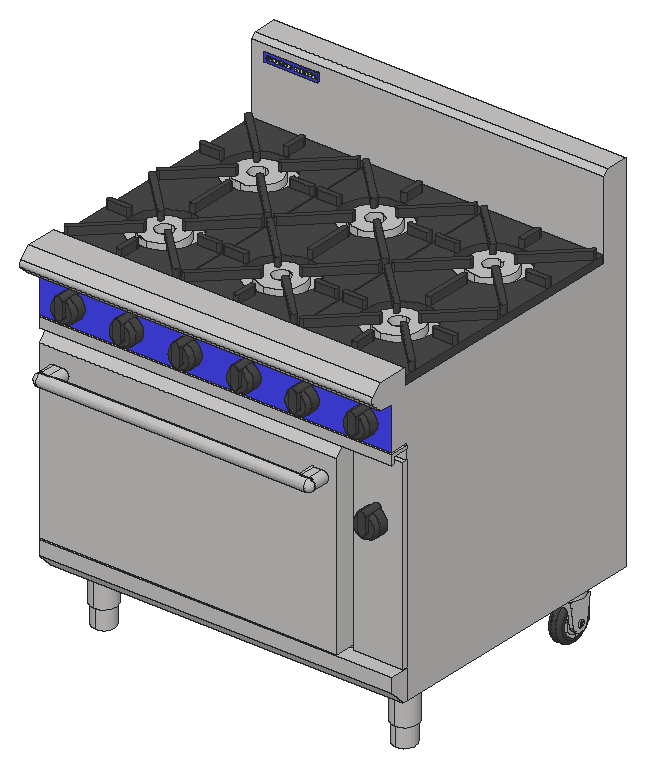
Revit family "QF_MOFFAT_BLUESEAL_AU_G506D", category Specialty Equipment, Revit 2012
Parameters
  Width = 900 mm  # constant formula
  Weight in Pounds = 460
  URL Cutsheet = "www.moffat.com"
  URL = "www.moffat.com"
  Type Mark [instance] = ""
  Status [instance] = ""
  Specification by User [instance] = ""
  Specification by Manufacturer = ""
  Show Logo [instance] = yes
  Show Clearance [instance] = yes
  Show Casters [instance] = yes
  Serial Number = ""
  Seismic Rating = ""
  SMACNA No = ""
  Revision Code [instance] = ""
  Omniclass Number and Title = ""
  NAFEM Spec ID Number = ""
  Model = "G506D"
  Mechanical Remarks = ""
  Mechanical Connection Type [instance] = ""
  Masterspec = ""
  Manufacturer = "MOFFAT BLUESEAL"
  Legs [instance] = not(Show Casters)  # no
  Item Number [instance] = ""
  Installed By [instance] = ""
  Identify Quantity as Lot [instance] = yes
  Height = 970 mm  # constant formula
  Gas Size = 3/4"
  Gas RI Height [instance] = 0 mm
  Gas KW [instance] = 55
  Gas Input [instance] = 187667.0 Btu/h
  Gas Connection Height = 0 mm
  Furnished By [instance] = ""
  Foodservice Equipment Identifier [instance] = yes
  Description = "900MM GAS RANGE WITH STATIC OVEN"
  Depth = 812 mm  # constant formula
  CSI MasterFormat = ""
  CSI Master Format = ""
  Body Finish = QF_Finishes_Stainless Steel
Reference planes
  plane 1 "BACK": y = 0
  plane 2: z = 0
  plane 3 "LEFT": x = 0
  plane 4 "RIGHT": x = 900
  plane 5 "FRONT": y = -812
  plane 6 "TOP": z = 970
  plane 7 "Center Y": x = 450
  plane 8 "Center X": y = -406
  plane 9: x = 280
  plane 10: y = -574.272
  plane 11: x = 60
  plane 12: y = -304.972
  plane 13: y = -364.972
  plane 14: x = 74
  plane 15: y = -812
  plane 16: x = 834.5
  plane 17: y = -32
  plane 18: z = 655
  plane 19: y = -100
  plane 20: z = 1085
  plane 21: y = -705
  plane 22: x = 65.8
  plane 23: x = 534.2
  plane 24: x = 834.2
Forms (mm)
  Extrusion 1, solid, material "QF_Finishes_Stainless Steel" <- "Body Finish"
    sketch origin (0, 0, 0) x (0, 1, 0) y (0, 0, 1)
      loop
        line (0, 150) -> (0, 1085) -> (-57.5, 1085) -> (-70, 1072.5) -> (-70, 875) -> (-705, 875) -> (-705, 915) -> (-783.97, 915) -> (-808.476, 890.494)
        arc (-808.476, 890.494) -> (-811.994, 882) -> (-808.476, 873.506) r 12.013
        line (-808.476, 873.506) -> (-784.97, 850) -> (-749, 850) -> (-749, 740) -> (-699, 740) -> (-699, 150) -> (0, 150)
    from 0 to 900
  Extrusion 2, solid, material "QF_Finishes_Stainless Steel"
    sketch origin (0, 7, 0) x (0, 1, 0) y (0, 0, 1)
      loop
        line (-706, 700) -> (-732, 700) -> (-756, 676) -> (-756, 227.5) -> (-706, 227.5) -> (-706, 700)
    from 0 to 760
  Extrusion 3, solid, material "QF_Finishes_Stainless Steel"
    sketch origin (723.5, 7, 0) x (0, 1, 0) y (0, 0, 1)
      loop
        line (-706, 700) -> (-721, 700) -> (-721, 227.5) -> (-706, 227.5) -> (-706, 700)
    from 51.5 to 176.5
  Revolve 4, solid, material "QF_Finishes_Stainless Steel" <- "Body Finish"
    sketch origin (834.5, -696.126, 0) x (0, 1, 0) y (0, 0, -1)
      loop
        line (39.376, -150) -> (71.126, -150) -> (71.126, 0) -> (43.626, 0) -> (43.626, -50) -> (39.376, -50) -> (39.376, -150)
      axis (71.126, -150) -> (71.126, 0)
    angle from 0 to 360
  Revolve 5, solid, material "QF_Finishes_Stainless Steel" <- "Body Finish"
    sketch origin (65.5, -696.126, 0) x (0, 1, 0) y (0, 0, 1)
      loop
        line (39.376, 150) -> (39.376, 50) -> (43.626, 50) -> (43.626, 0) -> (71.126, 0) -> (71.126, 150) -> (39.376, 150)
      axis (71.126, 150) -> (71.126, 0)
    angle from 0 to 360
  Extrusion 6, solid, material "QF_Finishes_Stainless Steel"
    sketch origin (-64.5, 0, 325) x (1, 0, 0) y (0, 1, 0)
      loop
        circle (834.5, -32) r 10
    from 330 to 371
  Revolve 7, solid, material "QF_Finishes_Black"
    sketch origin (839.351, 45.874, -0.118) x (0, 1, 0) y (0, 0, 1)
      loop
        line (-827.874, 829.5) -> (-838.874, 823.651) -> (-838.874, 797) -> (-794.874, 797) -> (-794.874, 802) -> (-804.874, 802) -> (-804.874, 829.5) -> (-827.874, 829.5)
      axis (-838.874, 797) -> (-794.874, 797)
    angle from 0 to 360
  Revolve 8, solid, material "QF_Finishes_Black"
    sketch origin (689.351, 45.874, -0.118) x (0, 1, 0) y (0, 0, 1)
      loop
        line (-827.874, 829.5) -> (-838.874, 823.651) -> (-838.874, 797) -> (-794.874, 797) -> (-794.874, 802) -> (-804.874, 802) -> (-804.874, 829.5) -> (-827.874, 829.5)
      axis (-838.874, 797) -> (-794.874, 797)
    angle from 0 to 360
  Revolve 9, solid, material "QF_Finishes_Black"
    sketch origin (90.649, 45.874, -0.118) x (0, 1, 0) y (0, 0, -1)
      loop
        line (-827.874, -829.5) -> (-804.874, -829.5) -> (-804.874, -802) -> (-794.874, -802) -> (-794.874, -797) -> (-838.874, -797) -> (-838.874, -823.651) -> (-827.874, -829.5)
      axis (-838.874, -797) -> (-794.874, -797)
    angle from 0 to 360
  Revolve 10, solid, material "QF_Finishes_Black"
    sketch origin (240.649, 45.874, -0.118) x (0, 1, 0) y (0, 0, -1)
      loop
        line (-827.874, -829.5) -> (-804.874, -829.5) -> (-804.874, -802) -> (-794.874, -802) -> (-794.874, -797) -> (-838.874, -797) -> (-838.874, -823.651) -> (-827.874, -829.5)
      axis (-838.874, -797) -> (-794.874, -797)
    angle from 0 to 360
  Revolve 11, solid, material "QF_Finishes_Black"
    sketch origin (390.625, 45.874, -0.118) x (0, 1, 0) y (0, 0, -1)
      loop
        line (-827.874, -829.5) -> (-804.874, -829.5) -> (-804.874, -802) -> (-794.874, -802) -> (-794.874, -797) -> (-838.874, -797) -> (-838.874, -823.651) -> (-827.874, -829.5)
      axis (-838.874, -797) -> (-794.874, -797)
    angle from 0 to 360
  Extrusion 12, solid, material "QF_Finishes_Black"
    sketch origin (238.456, 7, -0.118) x (-1, 0, 0) y (0, 0, -1)
      loop
        arc (158.3, -789) -> (148.3, -779) -> (138.3, -789) r 10
        line (138.3, -789) -> (138.3, -824)
        arc (138.3, -824) -> (148.3, -834) -> (158.3, -824) r 10
        line (158.3, -824) -> (158.3, -789)
    from 759 to 808
  Extrusion 13, solid, material "QF_Finishes_Black"
    sketch origin (388.456, 7, -0.118) x (-1, 0, 0) y (0, 0, -1)
      loop
        arc (158.3, -789) -> (148.3, -779) -> (138.3, -789) r 10
        line (138.3, -789) -> (138.3, -824)
        arc (138.3, -824) -> (148.3, -834) -> (158.3, -824) r 10
        line (158.3, -824) -> (158.3, -789)
    from 759 to 808
  Extrusion 14, solid, material "QF_Finishes_Black"
    sketch origin (691.544, 7, -0.118) x (1, 0, 0) y (0, 0, 1)
      loop
        line (158.3, 789) -> (158.3, 824)
        arc (158.3, 824) -> (148.3, 834) -> (138.3, 824) r 10
        line (138.3, 824) -> (138.3, 789)
        arc (138.3, 789) -> (148.3, 779) -> (158.3, 789) r 10
    from 759 to 808
  Extrusion 15, solid, material "QF_Finishes_Black"
    sketch origin (541.544, 7, -0.118) x (1, 0, 0) y (0, 0, 1)
      loop
        line (158.3, 789) -> (158.3, 824)
        arc (158.3, 824) -> (148.3, 834) -> (138.3, 824) r 10
        line (138.3, 824) -> (138.3, 789)
        arc (138.3, 789) -> (148.3, 779) -> (158.3, 789) r 10
    from 759 to 808
  Extrusion 16, solid, material "QF_Finishes_Black"
    sketch origin (538.432, 7, -0.118) x (-1, 0, 0) y (0, 0, -1)
      loop
        arc (158.3, -789) -> (148.3, -779) -> (138.3, -789) r 10
        line (138.3, -789) -> (138.3, -824)
        arc (138.3, -824) -> (148.3, -834) -> (158.3, -824) r 10
        line (158.3, -824) -> (158.3, -789)
    from 759 to 808
  Extrusion 17, solid, material "QF_Finishes_Black"
    sketch origin (688.432, 7, -0.118) x (-1, 0, 0) y (0, 0, -1)
      loop
        arc (158.3, -789) -> (148.3, -779) -> (138.3, -789) r 10
        line (138.3, -789) -> (138.3, -824)
        arc (138.3, -824) -> (148.3, -834) -> (158.3, -824) r 10
        line (158.3, -824) -> (158.3, -789)
    from 759 to 808
  Revolve 18, solid, material "QF_Finishes_Black"
    sketch origin (836.851, 80.874, -245.743) x (0, 1, 0) y (0, 0, 1)
      loop
        line (-827.874, 829.5) -> (-838.874, 823.651) -> (-838.874, 797) -> (-794.874, 797) -> (-794.874, 802) -> (-804.874, 802) -> (-804.874, 829.5) -> (-827.874, 829.5)
      axis (-838.874, 797) -> (-794.874, 797)
    angle from 0 to 360
  Extrusion 19, solid, material "QF_Finishes_Black"
    sketch origin (689.044, 42, -245.743) x (1, 0, 0) y (0, 0, 1)
      loop
        line (158.3, 789) -> (158.3, 824)
        arc (158.3, 824) -> (148.3, 834) -> (138.3, 824) r 10
        line (138.3, 824) -> (138.3, 789)
        arc (138.3, 789) -> (148.3, 779) -> (158.3, 789) r 10
    from 759 to 808
  Extrusion 20, solid, material "QF_Door-Drawer Clearances", visible <- "Show Clearance", detail levels coarse
    sketch origin (0, 7, 0) x (0, -1, 0) y (0, 0, 1)
      loop
        line (756, 697.347) -> (756, 227.5) -> (1225.847, 227.5)
        arc (1225.847, 227.5) -> (1088.232, 559.732) -> (756, 697.347) r 469.847
    from 0 to -760
  Extrusion 21, void
    sketch origin (0, 0, 220) x (1, 0, 0) y (0, 1, 0)
      loop
        line (824, -87) -> (824, 0) -> (694, 0) -> (694, -39) -> (744, -87) -> (824, -87)
    from 0 to 476
  Revolve 22, solid, material "QF_Finishes_Black"
    sketch origin (540.625, 45.874, -0.118) x (0, 1, 0) y (0, 0, -1)
      loop
        line (-827.874, -829.5) -> (-804.874, -829.5) -> (-804.874, -802) -> (-794.874, -802) -> (-794.874, -797) -> (-838.874, -797) -> (-838.874, -823.651) -> (-827.874, -829.5)
      axis (-838.874, -797) -> (-794.874, -797)
    angle from 0 to 360
  Extrusion 23, solid, material "QF_Finishes_Stainless Steel"
    sketch origin (0, -749, 227.5) x (0, 0, 1) y (-1, 0, 0)
      loop
        line (380.625, -38.246) -> (380.625, -58.528)
        arc (380.625, -58.528) -> (395.625, -73.528) -> (410.625, -58.528) r 15
        line (410.625, -58.528) -> (410.625, -38.246)
        arc (410.625, -38.246) -> (395.625, -23.246) -> (380.625, -38.246) r 15
      loop
        arc (380.625, -723.039) -> (395.625, -738.039) -> (410.625, -723.039) r 15
        line (410.625, -723.039) -> (410.625, -702.757)
        arc (410.625, -702.757) -> (395.625, -687.757) -> (380.625, -702.757) r 15
        line (380.625, -702.757) -> (380.625, -723.039)
    from 0 to 44
  Revolve 24, solid, material "QF_Finishes_Stainless Steel"
    sketch origin (0, -793, 0) x (1, 0, 0) y (0, 0, 1)
      loop
        arc (738.039, 623.125) -> (733.646, 633.732) -> (723.039, 638.125) r 15
        line (723.039, 638.125) -> (38.246, 638.125)
        arc (38.246, 638.125) -> (27.64, 633.732) -> (23.246, 623.125) r 15
        line (23.246, 623.125) -> (738.039, 623.125)
      axis (738.039, 623.125) -> (23.246, 623.125)
    angle from 0 to 360
  Extrusion 25, solid, material "QF_Finishes_Stainless Steel" <- "Body Finish"
    sketch origin (0, 7, 0) x (0, 1, 0) y (0, 0, 1)
      loop
        line (-756, 710) -> (-747.224, 710) -> (-749.613, 726.999) -> (-707.93, 726.999) -> (-707.93, 734.003) -> (-756, 734.003) -> (-756, 710)
    from 0 to 900
  Extrusion 26, solid, material "QF_Finishes_Stainless Steel" <- "Body Finish"
    sketch origin (0, 4.73, 0) x (0, 1, 0) y (0, 0, 1)
      loop
        line (-753.73, 222.5) -> (-753.73, 186) -> (-717.73, 150) -> (-703.73, 150) -> (-703.73, 222.5) -> (-753.73, 222.5)
    from 0 to 900
  Extrusion 27, solid, material "QF_Finishes_Stainless Steel", visible <- "Show Casters"
    sketch origin (71.501, 133.353, -8.783) x (0, 1, 0) y (0, 0, 1)
      loop
        line (-201.603, 118.783) -> (-265.103, 118.783) -> (-252.746, 53.895)
        arc (-252.746, 53.895) -> (-233.353, 38.783) -> (-213.959, 53.895) r 20
        line (-213.959, 53.895) -> (-201.603, 118.783)
    from -35.667 to 22.923
  Revolve 28, solid, material "QF_Finishes_Stainless Steel", visible <- "Show Casters"
    sketch origin (65, -203, 0) x (0, 1, 0) y (0, 0, 1)
      loop
        line (67.25, 150) -> (67.25, 110) -> (103, 110) -> (103, 150) -> (67.25, 150)
      axis (103, 150) -> (103, 110)
    angle from 0 to 360
  Revolve 29, solid, material "QF_Finishes_Stainless Steel", visible <- "Show Casters"
    sketch origin (834.5, -203, 0) x (0, 1, 0) y (0, 0, -1)
      loop
        line (67.25, -150) -> (103, -150) -> (103, -110) -> (67.25, -110) -> (67.25, -150)
      axis (103, -150) -> (103, -110)
    angle from 0 to 360
  Revolve 30, solid, material "QF_Finishes_Stainless Steel", visible <- "Show Casters"
    sketch origin (785.276, -99.755, -13.653) x (1, 0, 0) y (0, 0, 1)
      loop
        line (14.841, 64.453) -> (83.584, 64.453) -> (83.584, 67.958) -> (82.314, 69.228) -> (80.79, 69.228) -> (80.79, 72.674) -> (68.644, 72.674) -> (68.644, 82.639) -> (65.088, 84.692) -> (63.738, 93.028) -> (65.881, 93.028) -> (65.881, 99.378) -> (65.088, 99.378) -> (65.088, 105.728)
        arc (65.088, 105.728) -> (62.298, 112.463) -> (55.563, 115.253) r 9.525
        line (55.563, 115.253) -> (42.863, 115.253)
        arc (42.863, 115.253) -> (36.127, 112.463) -> (33.338, 105.728) r 9.525
        line (33.338, 105.728) -> (33.338, 99.378) -> (32.544, 99.378) -> (32.544, 93.028) -> (34.687, 93.028) -> (33.352, 84.781) -> (29.782, 82.719) -> (29.782, 72.674) -> (17.635, 72.674) -> (17.635, 69.228) -> (16.111, 69.228) -> (14.841, 67.958) -> (14.841, 64.453)
      axis (14.841, 64.453) -> (83.584, 64.453)
    angle from 0 to 360
  Extrusion 31, solid, material "QF_Finishes_Stainless Steel", visible <- "Show Casters"
    sketch origin (841.001, 133.353, -8.783) x (0, 1, 0) y (0, 0, 1)
      loop
        line (-201.603, 118.783) -> (-265.103, 118.783) -> (-252.746, 53.895)
        arc (-252.746, 53.895) -> (-233.353, 38.783) -> (-213.959, 53.895) r 20
        line (-213.959, 53.895) -> (-201.603, 118.783)
    from -35.667 to 22.923
  Revolve 32, solid, material "QF_Finishes_Stainless Steel", visible <- "Legs"
    sketch origin (65, -165, 0) x (0, 1, 0) y (0, 0, 1)
      loop
        line (33.25, 150) -> (33.25, 50) -> (37.5, 50) -> (37.5, 0) -> (65, 0) -> (65, 150) -> (33.25, 150)
      axis (65, 150) -> (65, 0)
    angle from 0 to 360
  Revolve 33, solid, material "QF_Finishes_Stainless Steel", visible <- "Legs"
    sketch origin (834.5, -165, 0) x (0, 1, 0) y (0, 0, -1)
      loop
        line (33.25, -150) -> (65, -150) -> (65, 0) -> (37.5, 0) -> (37.5, -50) -> (33.25, -50) -> (33.25, -150)
      axis (65, -150) -> (65, 0)
    angle from 0 to 360
  Revolve 34, solid, material "QF_Finishes_Stainless Steel", visible <- "Show Casters"
    sketch origin (114.224, -99.755, -13.653) x (-1, 0, 0) y (0, 0, -1)
      loop
        line (14.841, -64.453) -> (14.841, -67.958) -> (16.111, -69.228) -> (17.635, -69.228) -> (17.635, -72.674) -> (29.782, -72.674) -> (29.782, -82.719) -> (33.352, -84.781) -> (34.687, -93.028) -> (32.544, -93.028) -> (32.544, -99.378) -> (33.338, -99.378) -> (33.338, -105.728)
        arc (33.338, -105.728) -> (36.127, -112.463) -> (42.863, -115.253) r 9.525
        line (42.863, -115.253) -> (55.563, -115.253)
        arc (55.563, -115.253) -> (62.298, -112.463) -> (65.088, -105.728) r 9.525
        line (65.088, -105.728) -> (65.088, -99.378) -> (65.881, -99.378) -> (65.881, -93.028) -> (63.738, -93.028) -> (65.088, -84.692) -> (68.644, -82.639) -> (68.644, -72.674) -> (80.79, -72.674) -> (80.79, -69.228) -> (82.314, -69.228) -> (83.584, -67.958) -> (83.584, -64.453) -> (14.841, -64.453)
      axis (14.841, -64.453) -> (83.584, -64.453)
    angle from 0 to 360
  Extrusion 35, solid, material "QF_Finishes_Black"
    sketch origin (0, -70, 875) x (0, -1, 0) y (1, 0, 0)
      loop
        arc (1, 4) -> (1.879, 1.879) -> (4, 1) r 3
        line (4, 1) -> (632, 1)
        arc (632, 1) -> (634.121, 1.879) -> (635, 4) r 3
        line (635, 4) -> (635, 297)
        arc (635, 297) -> (634.121, 299.121) -> (632, 300) r 3
        line (632, 300) -> (4, 300)
        arc (4, 300) -> (1.879, 299.121) -> (1, 297) r 3
        line (1, 297) -> (1, 4)
      loop
        circle (167.5, 150) r 85
      loop
        circle (467.768, 150) r 85
    from 0 to 19.5
  Extrusion 36, solid, material "QF_Finishes_Black"
    sketch origin (0, -73.5, 894.5) x (0, -1, 0) y (1, 0, 0)
      loop
        spline (323.602, 15.153) -> (322.681, 13.924) -> (322.131, 12.47) -> (321.99, 10.89) -> (322.267, 9.292) -> (322.943, 7.786) -> (323.973, 6.473) -> (325.286, 5.443) -> (326.792, 4.767) -> (328.39, 4.49) -> (329.97, 4.631) -> (331.424, 5.181) -> (332.653, 6.102)
        line (332.653, 6.102) -> (440.576, 114.025)
        spline (440.576, 114.025) -> (441.337, 115.095) -> (441.738, 116.399) -> (441.751, 117.851) -> (441.375, 119.35) -> (440.637, 120.795) -> (439.586, 122.086) -> (438.295, 123.137) -> (436.85, 123.875) -> (435.351, 124.251) -> (433.899, 124.238) -> (432.595, 123.837) -> (431.525, 123.076)
        line (431.525, 123.076) -> (323.602, 15.153)
      loop
        spline (371.852, 143.6) -> (373.146, 143.818) -> (374.352, 144.457) -> (375.388, 145.475) -> (376.182, 146.8) -> (376.682, 148.344) -> (376.852, 150) -> (376.682, 151.656) -> (376.182, 153.2) -> (375.388, 154.525) -> (374.352, 155.543) -> (373.146, 156.182) -> (371.852, 156.4)
        line (371.852, 156.4) -> (259.398, 156.4)
        spline (259.398, 156.4) -> (258.104, 156.182) -> (256.898, 155.543) -> (255.862, 154.525) -> (255.068, 153.2) -> (254.568, 151.656) -> (254.398, 150) -> (254.568, 148.344) -> (255.068, 146.8) -> (255.862, 145.475) -> (256.898, 144.457) -> (258.104, 143.818) -> (259.398, 143.6)
        line (259.398, 143.6) -> (371.852, 143.6)
      loop
        line (311.398, 15.153) -> (203.475, 123.076)
        spline (203.475, 123.076) -> (202.405, 123.837) -> (201.101, 124.238) -> (199.649, 124.251) -> (198.15, 123.875) -> (196.705, 123.137) -> (195.414, 122.086) -> (194.363, 120.795) -> (193.625, 119.35) -> (193.249, 117.851) -> (193.262, 116.399) -> (193.663, 115.095) -> (194.424, 114.025)
        line (194.424, 114.025) -> (302.347, 6.102)
        spline (302.347, 6.102) -> (303.416, 5.341) -> (304.721, 4.941) -> (306.172, 4.928) -> (307.671, 5.303) -> (309.116, 6.041) -> (310.408, 7.092) -> (311.459, 8.384) -> (312.197, 9.829) -> (312.572, 11.328) -> (312.559, 12.779) -> (312.159, 14.084) -> (311.398, 15.153)
      loop
        line (323.602, 284.847) -> (431.525, 176.924)
        spline (431.525, 176.924) -> (432.595, 176.163) -> (433.899, 175.762) -> (435.351, 175.749) -> (436.85, 176.125) -> (438.295, 176.863) -> (439.586, 177.914) -> (440.637, 179.205) -> (441.375, 180.65) -> (441.751, 182.149) -> (441.738, 183.601) -> (441.337, 184.905) -> (440.576, 185.975)
        line (440.576, 185.975) -> (332.653, 293.898)
        spline (332.653, 293.898) -> (331.424, 294.819) -> (329.97, 295.369) -> (328.39, 295.51) -> (326.792, 295.233) -> (325.286, 294.557) -> (323.973, 293.527) -> (322.943, 292.214) -> (322.267, 290.708) -> (321.99, 289.11) -> (322.131, 287.53) -> (322.681, 286.076) -> (323.602, 284.847)
      loop
        spline (311.398, 284.847) -> (312.159, 285.916) -> (312.559, 287.221) -> (312.572, 288.672) -> (312.197, 290.171) -> (311.459, 291.616) -> (310.408, 292.908) -> (309.116, 293.959) -> (307.671, 294.697) -> (306.172, 295.072) -> (304.721, 295.059) -> (303.416, 294.659) -> (302.347, 293.898)
        line (302.347, 293.898) -> (194.424, 185.975)
        spline (194.424, 185.975) -> (193.663, 184.905) -> (193.262, 183.601) -> (193.249, 182.149) -> (193.625, 180.65) -> (194.363, 179.205) -> (195.414, 177.914) -> (196.705, 176.863) -> (198.15, 176.125) -> (199.649, 175.749) -> (201.101, 175.762) -> (202.405, 176.163) -> (203.475, 176.924)
        line (203.475, 176.924) -> (311.398, 284.847)
      loop
        spline (73.549, 143.6) -> (74.844, 143.818) -> (76.049, 144.457) -> (77.085, 145.475) -> (77.88, 146.8) -> (78.379, 148.344) -> (78.549, 150) -> (78.379, 151.656) -> (77.88, 153.2) -> (77.085, 154.525) -> (76.049, 155.543) -> (74.844, 156.182) -> (73.549, 156.4)
        line (73.549, 156.4) -> (25.093, 156.4)
        spline (25.093, 156.4) -> (23.799, 156.182) -> (22.593, 155.543) -> (21.558, 154.525) -> (20.763, 153.2) -> (20.264, 151.656) -> (20.093, 150) -> (20.264, 148.344) -> (20.763, 146.8) -> (21.558, 145.475) -> (22.593, 144.457) -> (23.799, 143.818) -> (25.093, 143.6)
        line (25.093, 143.6) -> (73.549, 143.6)
      loop
        spline (608.1, 143.6) -> (609.394, 143.818) -> (610.6, 144.457) -> (611.636, 145.475) -> (612.43, 146.8) -> (612.93, 148.344) -> (613.1, 150) -> (612.93, 151.656) -> (612.43, 153.2) -> (611.636, 154.525) -> (610.6, 155.543) -> (609.394, 156.182) -> (608.1, 156.4)
        line (608.1, 156.4) -> (558.644, 156.4)
        spline (558.644, 156.4) -> (557.35, 156.182) -> (556.144, 155.543) -> (555.108, 154.525) -> (554.314, 153.2) -> (553.814, 151.656) -> (553.644, 150) -> (553.814, 148.344) -> (554.314, 146.8) -> (555.108, 145.475) -> (556.144, 144.457) -> (557.35, 143.818) -> (558.644, 143.6)
        line (558.644, 143.6) -> (608.1, 143.6)
      loop
        spline (457.6, 10.156) -> (457.818, 8.862) -> (458.457, 7.656) -> (459.475, 6.62) -> (460.8, 5.826) -> (462.344, 5.326) -> (464, 5.156) -> (465.656, 5.326) -> (467.2, 5.826) -> (468.525, 6.62) -> (469.543, 7.656) -> (470.182, 8.862) -> (470.4, 10.156)
        line (470.4, 10.156) -> (470.4, 58.612)
        spline (470.4, 58.612) -> (470.182, 59.906) -> (469.543, 61.112) -> (468.525, 62.148) -> (467.2, 62.942) -> (465.656, 63.442) -> (464, 63.612) -> (462.344, 63.442) -> (460.8, 62.942) -> (459.475, 62.148) -> (458.457, 61.112) -> (457.818, 59.906) -> (457.6, 58.612)
        line (457.6, 58.612) -> (457.6, 10.156)
      loop
        spline (160.966, 10.156) -> (161.184, 8.862) -> (161.823, 7.656) -> (162.841, 6.62) -> (164.166, 5.826) -> (165.71, 5.326) -> (167.366, 5.156) -> (169.022, 5.326) -> (170.566, 5.826) -> (171.892, 6.62) -> (172.909, 7.656) -> (173.548, 8.862) -> (173.766, 10.156)
        line (173.766, 10.156) -> (173.766, 58.612)
        spline (173.766, 58.612) -> (173.548, 59.906) -> (172.909, 61.112) -> (171.892, 62.148) -> (170.566, 62.942) -> (169.022, 63.442) -> (167.366, 63.612) -> (165.71, 63.442) -> (164.166, 62.942) -> (162.841, 62.148) -> (161.823, 61.112) -> (161.184, 59.906) -> (160.966, 58.612)
        line (160.966, 58.612) -> (160.966, 10.156)
      loop
        spline (457.6, 241.636) -> (457.818, 240.342) -> (458.457, 239.136) -> (459.475, 238.1) -> (460.8, 237.306) -> (462.344, 236.806) -> (464, 236.636) -> (465.656, 236.806) -> (467.2, 237.306) -> (468.525, 238.1) -> (469.543, 239.136) -> (470.182, 240.342) -> (470.4, 241.636)
        line (470.4, 241.636) -> (470.4, 290.092)
        spline (470.4, 290.092) -> (470.182, 291.386) -> (469.543, 292.592) -> (468.525, 293.628) -> (467.2, 294.422) -> (465.656, 294.922) -> (464, 295.092) -> (462.344, 294.922) -> (460.8, 294.422) -> (459.475, 293.628) -> (458.457, 292.592) -> (457.818, 291.386) -> (457.6, 290.092)
        line (457.6, 290.092) -> (457.6, 241.636)
      loop
        spline (160.966, 241.636) -> (161.184, 240.342) -> (161.823, 239.136) -> (162.841, 238.1) -> (164.166, 237.306) -> (165.71, 236.806) -> (167.366, 236.636) -> (169.022, 236.806) -> (170.566, 237.306) -> (171.892, 238.1) -> (172.909, 239.136) -> (173.548, 240.342) -> (173.766, 241.636)
        line (173.766, 241.636) -> (173.766, 290.092)
        spline (173.766, 290.092) -> (173.548, 291.386) -> (172.909, 292.592) -> (171.892, 293.628) -> (170.566, 294.422) -> (169.022, 294.922) -> (167.366, 295.092) -> (165.71, 294.922) -> (164.166, 294.422) -> (162.841, 293.628) -> (161.823, 292.592) -> (161.184, 291.386) -> (160.966, 290.092)
        line (160.966, 290.092) -> (160.966, 241.636)
      loop
        line (604.398, 15.153) -> (496.475, 123.076)
        spline (496.475, 123.076) -> (495.405, 123.837) -> (494.101, 124.238) -> (492.649, 124.251) -> (491.15, 123.875) -> (489.705, 123.137) -> (488.414, 122.086) -> (487.363, 120.795) -> (486.625, 119.35) -> (486.249, 117.851) -> (486.262, 116.399) -> (486.663, 115.095) -> (487.424, 114.025)
        line (487.424, 114.025) -> (595.347, 6.102)
        spline (595.347, 6.102) -> (596.576, 5.181) -> (598.03, 4.631) -> (599.61, 4.49) -> (601.208, 4.767) -> (602.714, 5.443) -> (604.027, 6.473) -> (605.057, 7.786) -> (605.733, 9.292) -> (606.01, 10.89) -> (605.869, 12.47) -> (605.319, 13.924) -> (604.398, 15.153)
      loop
        spline (604.398, 284.847) -> (605.319, 286.076) -> (605.869, 287.53) -> (606.01, 289.11) -> (605.733, 290.708) -> (605.057, 292.214) -> (604.027, 293.527) -> (602.714, 294.557) -> (601.208, 295.233) -> (599.61, 295.51) -> (598.03, 295.369) -> (596.576, 294.819) -> (595.347, 293.898)
        line (595.347, 293.898) -> (487.424, 185.975)
        spline (487.424, 185.975) -> (486.663, 184.905) -> (486.262, 183.601) -> (486.249, 182.149) -> (486.625, 180.65) -> (487.363, 179.205) -> (488.414, 177.914) -> (489.705, 176.863) -> (491.15, 176.125) -> (492.649, 175.749) -> (494.101, 175.762) -> (495.405, 176.163) -> (496.475, 176.924)
        line (496.475, 176.924) -> (604.398, 284.847)
      loop
        spline (16.602, 15.153) -> (15.841, 14.084) -> (15.441, 12.779) -> (15.428, 11.328) -> (15.803, 9.829) -> (16.541, 8.384) -> (17.592, 7.092) -> (18.884, 6.041) -> (20.329, 5.303) -> (21.828, 4.928) -> (23.279, 4.941) -> (24.584, 5.341) -> (25.653, 6.102)
        line (25.653, 6.102) -> (133.576, 114.025)
        spline (133.576, 114.025) -> (134.337, 115.095) -> (134.738, 116.399) -> (134.751, 117.851) -> (134.375, 119.35) -> (133.637, 120.795) -> (132.586, 122.086) -> (131.295, 123.137) -> (129.85, 123.875) -> (128.351, 124.251) -> (126.899, 124.238) -> (125.595, 123.837) -> (124.525, 123.076)
        line (124.525, 123.076) -> (16.602, 15.153)
      loop
        line (16.602, 284.847) -> (124.525, 176.924)
        spline (124.525, 176.924) -> (125.595, 176.163) -> (126.899, 175.762) -> (128.351, 175.749) -> (129.85, 176.125) -> (131.295, 176.863) -> (132.586, 177.914) -> (133.637, 179.205) -> (134.375, 180.65) -> (134.751, 182.149) -> (134.738, 183.601) -> (134.337, 184.905) -> (133.576, 185.975)
        line (133.576, 185.975) -> (25.653, 293.898)
        spline (25.653, 293.898) -> (24.584, 294.659) -> (23.279, 295.059) -> (21.828, 295.072) -> (20.329, 294.697) -> (18.884, 293.959) -> (17.592, 292.908) -> (16.541, 291.616) -> (15.803, 290.171) -> (15.428, 288.672) -> (15.441, 287.221) -> (15.841, 285.916) -> (16.602, 284.847)
      loop
        line (323.602, 584.847) -> (431.525, 476.924)
        spline (431.525, 476.924) -> (432.595, 476.163) -> (433.899, 475.762) -> (435.351, 475.749) -> (436.85, 476.125) -> (438.295, 476.863) -> (439.586, 477.914) -> (440.637, 479.205) -> (441.375, 480.65) -> (441.751, 482.149) -> (441.738, 483.601) -> (441.337, 484.905) -> (440.576, 485.975)
        line (440.576, 485.975) -> (332.653, 593.898)
        spline (332.653, 593.898) -> (331.424, 594.819) -> (329.97, 595.369) -> (328.39, 595.51) -> (326.792, 595.233) -> (325.286, 594.557) -> (323.973, 593.527) -> (322.943, 592.214) -> (322.267, 590.708) -> (321.99, 589.11) -> (322.131, 587.53) -> (322.681, 586.076) -> (323.602, 584.847)
      loop
        line (371.852, 456.4) -> (259.398, 456.4)
        spline (259.398, 456.4) -> (258.104, 456.182) -> (256.898, 455.543) -> (255.862, 454.525) -> (255.068, 453.2) -> (254.568, 451.656) -> (254.398, 450) -> (254.568, 448.344) -> (255.068, 446.8) -> (255.862, 445.475) -> (256.898, 444.457) -> (258.104, 443.818) -> (259.398, 443.6)
        line (259.398, 443.6) -> (371.852, 443.6)
        spline (371.852, 443.6) -> (373.146, 443.818) -> (374.352, 444.457) -> (375.388, 445.475) -> (376.182, 446.8) -> (376.682, 448.344) -> (376.852, 450) -> (376.682, 451.656) -> (376.182, 453.2) -> (375.388, 454.525) -> (374.352, 455.543) -> (373.146, 456.182) -> (371.852, 456.4)
      loop
        spline (311.398, 584.847) -> (312.159, 585.916) -> (312.559, 587.221) -> (312.572, 588.672) -> (312.197, 590.171) -> (311.459, 591.616) -> (310.408, 592.908) -> (309.116, 593.959) -> (307.671, 594.697) -> (306.172, 595.072) -> (304.721, 595.059) -> (303.416, 594.659) -> (302.347, 593.898)
        line (302.347, 593.898) -> (194.424, 485.975)
        spline (194.424, 485.975) -> (193.663, 484.905) -> (193.262, 483.601) -> (193.249, 482.149) -> (193.625, 480.65) -> (194.363, 479.205) -> (195.414, 477.914) -> (196.705, 476.863) -> (198.15, 476.125) -> (199.649, 475.749) -> (201.101, 475.762) -> (202.405, 476.163) -> (203.475, 476.924)
        line (203.475, 476.924) -> (311.398, 584.847)
      loop
        spline (323.602, 315.153) -> (322.681, 313.924) -> (322.131, 312.47) -> (321.99, 310.89) -> (322.267, 309.292) -> (322.943, 307.786) -> (323.973, 306.473) -> (325.286, 305.443) -> (326.792, 304.767) -> (328.39, 304.49) -> (329.97, 304.631) -> (331.424, 305.181) -> (332.653, 306.102)
        line (332.653, 306.102) -> (440.576, 414.025)
        spline (440.576, 414.025) -> (441.337, 415.095) -> (441.738, 416.399) -> (441.751, 417.851) -> (441.375, 419.35) -> (440.637, 420.795) -> (439.586, 422.086) -> (438.295, 423.137) -> (436.85, 423.875) -> (435.351, 424.251) -> (433.899, 424.238) -> (432.595, 423.837) -> (431.525, 423.076)
        line (431.525, 423.076) -> (323.602, 315.153)
      loop
        line (311.398, 315.153) -> (203.475, 423.076)
        spline (203.475, 423.076) -> (202.405, 423.837) -> (201.101, 424.238) -> (199.649, 424.251) -> (198.15, 423.875) -> (196.705, 423.137) -> (195.414, 422.086) -> (194.363, 420.795) -> (193.625, 419.35) -> (193.249, 417.851) -> (193.262, 416.399) -> (193.663, 415.095) -> (194.424, 414.025)
        line (194.424, 414.025) -> (302.347, 306.102)
        spline (302.347, 306.102) -> (303.416, 305.341) -> (304.721, 304.941) -> (306.172, 304.928) -> (307.671, 305.303) -> (309.116, 306.041) -> (310.408, 307.092) -> (311.459, 308.384) -> (312.197, 309.829) -> (312.572, 311.328) -> (312.559, 312.779) -> (312.159, 314.084) -> (311.398, 315.153)
      loop
        line (73.549, 456.4) -> (25.093, 456.4)
        spline (25.093, 456.4) -> (23.799, 456.182) -> (22.593, 455.543) -> (21.558, 454.525) -> (20.763, 453.2) -> (20.264, 451.656) -> (20.093, 450) -> (20.264, 448.344) -> (20.763, 446.8) -> (21.558, 445.475) -> (22.593, 444.457) -> (23.799, 443.818) -> (25.093, 443.6)
        line (25.093, 443.6) -> (73.549, 443.6)
        spline (73.549, 443.6) -> (74.844, 443.818) -> (76.049, 444.457) -> (77.085, 445.475) -> (77.88, 446.8) -> (78.379, 448.344) -> (78.549, 450) -> (78.379, 451.656) -> (77.88, 453.2) -> (77.085, 454.525) -> (76.049, 455.543) -> (74.844, 456.182) -> (73.549, 456.4)
      loop
        line (608.1, 456.4) -> (558.644, 456.4)
        spline (558.644, 456.4) -> (557.35, 456.182) -> (556.144, 455.543) -> (555.108, 454.525) -> (554.314, 453.2) -> (553.814, 451.656) -> (553.644, 450) -> (553.814, 448.344) -> (554.314, 446.8) -> (555.108, 445.475) -> (556.144, 444.457) -> (557.35, 443.818) -> (558.644, 443.6)
        line (558.644, 443.6) -> (608.1, 443.6)
        spline (608.1, 443.6) -> (609.394, 443.818) -> (610.6, 444.457) -> (611.636, 445.475) -> (612.43, 446.8) -> (612.93, 448.344) -> (613.1, 450) -> (612.93, 451.656) -> (612.43, 453.2) -> (611.636, 454.525) -> (610.6, 455.543) -> (609.394, 456.182) -> (608.1, 456.4)
      loop
        line (457.6, 589.844) -> (457.6, 541.388)
        spline (457.6, 541.388) -> (457.818, 540.094) -> (458.457, 538.888) -> (459.475, 537.852) -> (460.8, 537.058) -> (462.344, 536.558) -> (464, 536.388) -> (465.656, 536.558) -> (467.2, 537.058) -> (468.525, 537.852) -> (469.543, 538.888) -> (470.182, 540.094) -> (470.4, 541.388)
        line (470.4, 541.388) -> (470.4, 589.844)
        spline (470.4, 589.844) -> (470.182, 591.138) -> (469.543, 592.344) -> (468.525, 593.38) -> (467.2, 594.174) -> (465.656, 594.674) -> (464, 594.844) -> (462.344, 594.674) -> (460.8, 594.174) -> (459.475, 593.38) -> (458.457, 592.344) -> (457.818, 591.138) -> (457.6, 589.844)
      loop
        line (160.966, 589.844) -> (160.966, 541.388)
        spline (160.966, 541.388) -> (161.184, 540.094) -> (161.823, 538.888) -> (162.841, 537.852) -> (164.166, 537.058) -> (165.71, 536.558) -> (167.366, 536.388) -> (169.022, 536.558) -> (170.566, 537.058) -> (171.892, 537.852) -> (172.909, 538.888) -> (173.548, 540.094) -> (173.766, 541.388)
        line (173.766, 541.388) -> (173.766, 589.844)
        spline (173.766, 589.844) -> (173.548, 591.138) -> (172.909, 592.344) -> (171.892, 593.38) -> (170.566, 594.174) -> (169.022, 594.674) -> (167.366, 594.844) -> (165.71, 594.674) -> (164.166, 594.174) -> (162.841, 593.38) -> (161.823, 592.344) -> (161.184, 591.138) -> (160.966, 589.844)
      loop
        line (457.6, 358.364) -> (457.6, 309.908)
        spline (457.6, 309.908) -> (457.818, 308.614) -> (458.457, 307.408) -> (459.475, 306.372) -> (460.8, 305.578) -> (462.344, 305.078) -> (464, 304.908) -> (465.656, 305.078) -> (467.2, 305.578) -> (468.525, 306.372) -> (469.543, 307.408) -> (470.182, 308.614) -> (470.4, 309.908)
        line (470.4, 309.908) -> (470.4, 358.364)
        spline (470.4, 358.364) -> (470.182, 359.658) -> (469.543, 360.864) -> (468.525, 361.9) -> (467.2, 362.694) -> (465.656, 363.194) -> (464, 363.364) -> (462.344, 363.194) -> (460.8, 362.694) -> (459.475, 361.9) -> (458.457, 360.864) -> (457.818, 359.658) -> (457.6, 358.364)
      loop
        line (160.966, 358.364) -> (160.966, 309.908)
        spline (160.966, 309.908) -> (161.184, 308.614) -> (161.823, 307.408) -> (162.841, 306.372) -> (164.166, 305.578) -> (165.71, 305.078) -> (167.366, 304.908) -> (169.022, 305.078) -> (170.566, 305.578) -> (171.892, 306.372) -> (172.909, 307.408) -> (173.548, 308.614) -> (173.766, 309.908)
        line (173.766, 309.908) -> (173.766, 358.364)
        spline (173.766, 358.364) -> (173.548, 359.658) -> (172.909, 360.864) -> (171.892, 361.9) -> (170.566, 362.694) -> (169.022, 363.194) -> (167.366, 363.364) -> (165.71, 363.194) -> (164.166, 362.694) -> (162.841, 361.9) -> (161.823, 360.864) -> (161.184, 359.658) -> (160.966, 358.364)
      loop
        spline (604.398, 584.847) -> (605.319, 586.076) -> (605.869, 587.53) -> (606.01, 589.11) -> (605.733, 590.708) -> (605.057, 592.214) -> (604.027, 593.527) -> (602.714, 594.557) -> (601.208, 595.233) -> (599.61, 595.51) -> (598.03, 595.369) -> (596.576, 594.819) -> (595.347, 593.898)
        line (595.347, 593.898) -> (487.424, 485.975)
        spline (487.424, 485.975) -> (486.663, 484.905) -> (486.262, 483.601) -> (486.249, 482.149) -> (486.625, 480.65) -> (487.363, 479.205) -> (488.414, 477.914) -> (489.705, 476.863) -> (491.15, 476.125) -> (492.649, 475.749) -> (494.101, 475.762) -> (495.405, 476.163) -> (496.475, 476.924)
        line (496.475, 476.924) -> (604.398, 584.847)
      loop
        line (604.398, 315.153) -> (496.475, 423.076)
        spline (496.475, 423.076) -> (495.405, 423.837) -> (494.101, 424.238) -> (492.649, 424.251) -> (491.15, 423.875) -> (489.705, 423.137) -> (488.414, 422.086) -> (487.363, 420.795) -> (486.625, 419.35) -> (486.249, 417.851) -> (486.262, 416.399) -> (486.663, 415.095) -> (487.424, 414.025)
        line (487.424, 414.025) -> (595.347, 306.102)
        spline (595.347, 306.102) -> (596.576, 305.181) -> (598.03, 304.631) -> (599.61, 304.49) -> (601.208, 304.767) -> (602.714, 305.443) -> (604.027, 306.473) -> (605.057, 307.786) -> (605.733, 309.292) -> (606.01, 310.89) -> (605.869, 312.47) -> (605.319, 313.924) -> (604.398, 315.153)
      loop
        line (16.602, 584.847) -> (124.525, 476.924)
        spline (124.525, 476.924) -> (125.595, 476.163) -> (126.899, 475.762) -> (128.351, 475.749) -> (129.85, 476.125) -> (131.295, 476.863) -> (132.586, 477.914) -> (133.637, 479.205) -> (134.375, 480.65) -> (134.751, 482.149) -> (134.738, 483.601) -> (134.337, 484.905) -> (133.576, 485.975)
        line (133.576, 485.975) -> (25.653, 593.898)
        spline (25.653, 593.898) -> (24.584, 594.659) -> (23.279, 595.059) -> (21.828, 595.072) -> (20.329, 594.697) -> (18.884, 593.959) -> (17.592, 592.908) -> (16.541, 591.616) -> (15.803, 590.171) -> (15.428, 588.672) -> (15.441, 587.221) -> (15.841, 585.916) -> (16.602, 584.847)
      loop
        spline (16.602, 315.153) -> (15.841, 314.084) -> (15.441, 312.779) -> (15.428, 311.328) -> (15.803, 309.829) -> (16.541, 308.384) -> (17.592, 307.092) -> (18.884, 306.041) -> (20.329, 305.303) -> (21.828, 304.928) -> (23.279, 304.941) -> (24.584, 305.341) -> (25.653, 306.102)
        line (25.653, 306.102) -> (133.576, 414.025)
        spline (133.576, 414.025) -> (134.337, 415.095) -> (134.738, 416.399) -> (134.751, 417.851) -> (134.375, 419.35) -> (133.637, 420.795) -> (132.586, 422.086) -> (131.295, 423.137) -> (129.85, 423.875) -> (128.351, 424.251) -> (126.899, 424.238) -> (125.595, 423.837) -> (124.525, 423.076)
        line (124.525, 423.076) -> (16.602, 315.153)
      loop
        spline (323.602, 617.987) -> (322.681, 616.757) -> (322.131, 615.303) -> (321.99, 613.724) -> (322.267, 612.126) -> (322.943, 610.62) -> (323.973, 609.307) -> (325.286, 608.277) -> (326.792, 607.601) -> (328.39, 607.324) -> (329.97, 607.465) -> (331.424, 608.015) -> (332.653, 608.936)
        line (332.653, 608.936) -> (440.576, 716.859)
        spline (440.576, 716.859) -> (441.337, 717.928) -> (441.738, 719.233) -> (441.751, 720.684) -> (441.375, 722.184) -> (440.637, 723.628) -> (439.586, 724.92) -> (438.295, 725.971) -> (436.85, 726.709) -> (435.351, 727.084) -> (433.899, 727.071) -> (432.595, 726.671) -> (431.525, 725.91)
        line (431.525, 725.91) -> (323.602, 617.987)
      loop
        spline (371.852, 746.434) -> (373.146, 746.652) -> (374.352, 747.291) -> (375.388, 748.308) -> (376.182, 749.634) -> (376.682, 751.177) -> (376.852, 752.834) -> (376.682, 754.49) -> (376.182, 756.034) -> (375.388, 757.359) -> (374.352, 758.376) -> (373.146, 759.016) -> (371.852, 759.234)
        line (371.852, 759.234) -> (259.398, 759.234)
        spline (259.398, 759.234) -> (258.104, 759.016) -> (256.898, 758.376) -> (255.862, 757.359) -> (255.068, 756.034) -> (254.568, 754.49) -> (254.398, 752.834) -> (254.568, 751.177) -> (255.068, 749.634) -> (255.862, 748.308) -> (256.898, 747.291) -> (258.104, 746.652) -> (259.398, 746.434)
        line (259.398, 746.434) -> (371.852, 746.434)
      loop
        line (311.398, 617.987) -> (203.475, 725.91)
        spline (203.475, 725.91) -> (202.405, 726.671) -> (201.101, 727.071) -> (199.649, 727.084) -> (198.15, 726.709) -> (196.705, 725.971) -> (195.414, 724.92) -> (194.363, 723.628) -> (193.625, 722.184) -> (193.249, 720.684) -> (193.262, 719.233) -> (193.663, 717.928) -> (194.424, 716.859)
        line (194.424, 716.859) -> (302.347, 608.936)
        spline (302.347, 608.936) -> (303.416, 608.175) -> (304.721, 607.775) -> (306.172, 607.761) -> (307.671, 608.137) -> (309.116, 608.875) -> (310.408, 609.926) -> (311.459, 611.218) -> (312.197, 612.662) -> (312.572, 614.161) -> (312.559, 615.613) -> (312.159, 616.918) -> (311.398, 617.987)
      loop
        line (323.602, 887.68) -> (431.525, 779.757)
        spline (431.525, 779.757) -> (432.595, 778.997) -> (433.899, 778.596) -> (435.351, 778.583) -> (436.85, 778.958) -> (438.295, 779.697) -> (439.586, 780.747) -> (440.637, 782.039) -> (441.375, 783.484) -> (441.751, 784.983) -> (441.738, 786.434) -> (441.337, 787.739) -> (440.576, 788.808)
        line (440.576, 788.808) -> (332.653, 896.731)
        spline (332.653, 896.731) -> (331.424, 897.653) -> (329.97, 898.202) -> (328.39, 898.344) -> (326.792, 898.067) -> (325.286, 897.39) -> (323.973, 896.361) -> (322.943, 895.048) -> (322.267, 893.541) -> (321.99, 891.944) -> (322.131, 890.364) -> (322.681, 888.91) -> (323.602, 887.68)
      loop
        spline (311.398, 887.68) -> (312.159, 888.75) -> (312.559, 890.055) -> (312.572, 891.506) -> (312.197, 893.005) -> (311.459, 894.45) -> (310.408, 895.741) -> (309.116, 896.792) -> (307.671, 897.531) -> (306.172, 897.906) -> (304.721, 897.893) -> (303.416, 897.492) -> (302.347, 896.731)
        line (302.347, 896.731) -> (194.424, 788.808)
        spline (194.424, 788.808) -> (193.663, 787.739) -> (193.262, 786.434) -> (193.249, 784.983) -> (193.625, 783.484) -> (194.363, 782.039) -> (195.414, 780.747) -> (196.705, 779.697) -> (198.15, 778.958) -> (199.649, 778.583) -> (201.101, 778.596) -> (202.405, 778.997) -> (203.475, 779.757)
        line (203.475, 779.757) -> (311.398, 887.68)
      loop
        spline (73.549, 746.434) -> (74.844, 746.652) -> (76.049, 747.291) -> (77.085, 748.308) -> (77.88, 749.634) -> (78.379, 751.177) -> (78.549, 752.834) -> (78.379, 754.49) -> (77.88, 756.034) -> (77.085, 757.359) -> (76.049, 758.376) -> (74.844, 759.016) -> (73.549, 759.234)
        line (73.549, 759.234) -> (25.093, 759.234)
        spline (25.093, 759.234) -> (23.799, 759.016) -> (22.593, 758.376) -> (21.558, 757.359) -> (20.763, 756.034) -> (20.264, 754.49) -> (20.093, 752.834) -> (20.264, 751.177) -> (20.763, 749.634) -> (21.558, 748.308) -> (22.593, 747.291) -> (23.799, 746.652) -> (25.093, 746.434)
        line (25.093, 746.434) -> (73.549, 746.434)
      loop
        spline (608.1, 746.434) -> (609.394, 746.652) -> (610.6, 747.291) -> (611.636, 748.308) -> (612.43, 749.634) -> (612.93, 751.177) -> (613.1, 752.834) -> (612.93, 754.49) -> (612.43, 756.034) -> (611.636, 757.359) -> (610.6, 758.376) -> (609.394, 759.016) -> (608.1, 759.234)
        line (608.1, 759.234) -> (558.644, 759.234)
        spline (558.644, 759.234) -> (557.35, 759.016) -> (556.144, 758.376) -> (555.108, 757.359) -> (554.314, 756.034) -> (553.814, 754.49) -> (553.644, 752.834) -> (553.814, 751.177) -> (554.314, 749.634) -> (555.108, 748.308) -> (556.144, 747.291) -> (557.35, 746.652) -> (558.644, 746.434)
        line (558.644, 746.434) -> (608.1, 746.434)
      loop
        spline (457.6, 612.99) -> (457.818, 611.696) -> (458.457, 610.49) -> (459.475, 609.454) -> (460.8, 608.66) -> (462.344, 608.16) -> (464, 607.99) -> (465.656, 608.16) -> (467.2, 608.66) -> (468.525, 609.454) -> (469.543, 610.49) -> (470.182, 611.696) -> (470.4, 612.99)
        line (470.4, 612.99) -> (470.4, 661.446)
        spline (470.4, 661.446) -> (470.182, 662.74) -> (469.543, 663.946) -> (468.525, 664.981) -> (467.2, 665.776) -> (465.656, 666.275) -> (464, 666.446) -> (462.344, 666.275) -> (460.8, 665.776) -> (459.475, 664.981) -> (458.457, 663.946) -> (457.818, 662.74) -> (457.6, 661.446)
        line (457.6, 661.446) -> (457.6, 612.99)
      loop
        spline (160.966, 612.99) -> (161.184, 611.696) -> (161.823, 610.49) -> (162.841, 609.454) -> (164.166, 608.66) -> (165.71, 608.16) -> (167.366, 607.99) -> (169.022, 608.16) -> (170.566, 608.66) -> (171.892, 609.454) -> (172.909, 610.49) -> (173.548, 611.696) -> (173.766, 612.99)
        line (173.766, 612.99) -> (173.766, 661.446)
        spline (173.766, 661.446) -> (173.548, 662.74) -> (172.909, 663.946) -> (171.892, 664.981) -> (170.566, 665.776) -> (169.022, 666.275) -> (167.366, 666.446) -> (165.71, 666.275) -> (164.166, 665.776) -> (162.841, 664.981) -> (161.823, 663.946) -> (161.184, 662.74) -> (160.966, 661.446)
        line (160.966, 661.446) -> (160.966, 612.99)
      loop
        spline (457.6, 844.47) -> (457.818, 843.176) -> (458.457, 841.97) -> (459.475, 840.934) -> (460.8, 840.14) -> (462.344, 839.64) -> (464, 839.47) -> (465.656, 839.64) -> (467.2, 840.14) -> (468.525, 840.934) -> (469.543, 841.97) -> (470.182, 843.176) -> (470.4, 844.47)
        line (470.4, 844.47) -> (470.4, 892.926)
        spline (470.4, 892.926) -> (470.182, 894.22) -> (469.543, 895.426) -> (468.525, 896.461) -> (467.2, 897.256) -> (465.656, 897.755) -> (464, 897.926) -> (462.344, 897.755) -> (460.8, 897.256) -> (459.475, 896.461) -> (458.457, 895.426) -> (457.818, 894.22) -> (457.6, 892.926)
        line (457.6, 892.926) -> (457.6, 844.47)
      loop
        spline (160.966, 844.47) -> (161.184, 843.176) -> (161.823, 841.97) -> (162.841, 840.934) -> (164.166, 840.14) -> (165.71, 839.64) -> (167.366, 839.47) -> (169.022, 839.64) -> (170.566, 840.14) -> (171.892, 840.934) -> (172.909, 841.97) -> (173.548, 843.176) -> (173.766, 844.47)
        line (173.766, 844.47) -> (173.766, 892.926)
        spline (173.766, 892.926) -> (173.548, 894.22) -> (172.909, 895.426) -> (171.892, 896.461) -> (170.566, 897.256) -> (169.022, 897.755) -> (167.366, 897.926) -> (165.71, 897.755) -> (164.166, 897.256) -> (162.841, 896.461) -> (161.823, 895.426) -> (161.184, 894.22) -> (160.966, 892.926)
        line (160.966, 892.926) -> (160.966, 844.47)
      loop
        line (604.398, 617.987) -> (496.475, 725.91)
        spline (496.475, 725.91) -> (495.405, 726.671) -> (494.101, 727.071) -> (492.649, 727.084) -> (491.15, 726.709) -> (489.705, 725.971) -> (488.414, 724.92) -> (487.363, 723.628) -> (486.625, 722.184) -> (486.249, 720.684) -> (486.262, 719.233) -> (486.663, 717.928) -> (487.424, 716.859)
        line (487.424, 716.859) -> (595.347, 608.936)
        spline (595.347, 608.936) -> (596.576, 608.015) -> (598.03, 607.465) -> (599.61, 607.324) -> (601.208, 607.601) -> (602.714, 608.277) -> (604.027, 609.307) -> (605.057, 610.62) -> (605.733, 612.126) -> (606.01, 613.724) -> (605.869, 615.303) -> (605.319, 616.757) -> (604.398, 617.987)
      loop
        spline (604.398, 887.68) -> (605.319, 888.91) -> (605.869, 890.364) -> (606.01, 891.944) -> (605.733, 893.541) -> (605.057, 895.048) -> (604.027, 896.361) -> (602.714, 897.39) -> (601.208, 898.067) -> (599.61, 898.344) -> (598.03, 898.202) -> (596.576, 897.653) -> (595.347, 896.731)
        line (595.347, 896.731) -> (487.424, 788.808)
        spline (487.424, 788.808) -> (486.663, 787.739) -> (486.262, 786.434) -> (486.249, 784.983) -> (486.625, 783.484) -> (487.363, 782.039) -> (488.414, 780.747) -> (489.705, 779.697) -> (491.15, 778.958) -> (492.649, 778.583) -> (494.101, 778.596) -> (495.405, 778.997) -> (496.475, 779.757)
        line (496.475, 779.757) -> (604.398, 887.68)
      loop
        spline (16.602, 617.987) -> (15.841, 616.918) -> (15.441, 615.613) -> (15.428, 614.161) -> (15.803, 612.662) -> (16.541, 611.218) -> (17.592, 609.926) -> (18.884, 608.875) -> (20.329, 608.137) -> (21.828, 607.761) -> (23.279, 607.775) -> (24.584, 608.175) -> (25.653, 608.936)
        line (25.653, 608.936) -> (133.576, 716.859)
        spline (133.576, 716.859) -> (134.337, 717.928) -> (134.738, 719.233) -> (134.751, 720.684) -> (134.375, 722.184) -> (133.637, 723.628) -> (132.586, 724.92) -> (131.295, 725.971) -> (129.85, 726.709) -> (128.351, 727.084) -> (126.899, 727.071) -> (125.595, 726.671) -> (124.525, 725.91)
        line (124.525, 725.91) -> (16.602, 617.987)
      loop
        line (16.602, 887.68) -> (124.525, 779.757)
        spline (124.525, 779.757) -> (125.595, 778.997) -> (126.899, 778.596) -> (128.351, 778.583) -> (129.85, 778.958) -> (131.295, 779.697) -> (132.586, 780.747) -> (133.637, 782.039) -> (134.375, 783.484) -> (134.751, 784.983) -> (134.738, 786.434) -> (134.337, 787.739) -> (133.576, 788.808)
        line (133.576, 788.808) -> (25.653, 896.731)
        spline (25.653, 896.731) -> (24.584, 897.492) -> (23.279, 897.893) -> (21.828, 897.906) -> (20.329, 897.531) -> (18.884, 896.792) -> (17.592, 895.741) -> (16.541, 894.45) -> (15.803, 893.005) -> (15.428, 891.506) -> (15.441, 890.055) -> (15.841, 888.75) -> (16.602, 887.68)
    from 0 to 20.5
  Extrusion 37, solid, material "QF_Finishes_Stainless Steel"
    sketch origin (0, -70, 875) x (0, -1, 0) y (1, 0, 0)
      loop
        circle (467.5, 150) r 57
      loop
        circle (167.5, 150) r 57
      loop
        circle (467.5, 150) r 22
      loop
        circle (167.5, 150) r 22
      loop
        circle (467.5, 750) r 57
      loop
        circle (167.5, 750) r 57
      loop
        circle (467.5, 750) r 22
      loop
        circle (167.5, 750) r 22
      loop
        circle (467.5, 450) r 57
      loop
        circle (167.5, 450) r 57
      loop
        circle (467.5, 450) r 22
      loop
        circle (167.5, 450) r 22
    from 0 to 19.5
  Extrusion 38, solid, material "QF_Finishes_Black"
    sketch origin (600, -70, 875) x (0, -1, 0) y (1, 0, 0)
      loop
        line (1, -1.583) -> (1, -297)
        arc (1, -297) -> (1.879, -299.121) -> (4, -300) r 3
        line (4, -300) -> (632, -300)
        arc (632, -300) -> (634.121, -299.121) -> (635, -297) r 3
        line (635, -297) -> (635, -1.583)
        arc (635, -1.583) -> (634.121, 0.538) -> (632, 1.417) r 3
        line (632, 1.417) -> (4, 1.417)
        arc (4, 1.417) -> (1.879, 0.538) -> (1, -1.583) r 3
      loop
        circle (167.5, -150) r 85
      loop
        circle (467.768, -150) r 85
    from 0 to 19.5
  Extrusion 39, solid, material "QF_Finishes_Black"
    sketch origin (900, -70, 875) x (0, -1, 0) y (1, 0, 0)
      loop
        line (1, -3) -> (1, -295.583)
        arc (1, -295.583) -> (1.879, -297.704) -> (4, -298.583) r 3
        line (4, -298.583) -> (632, -298.583)
        arc (632, -298.583) -> (634.121, -297.704) -> (635, -295.583) r 3
        line (635, -295.583) -> (635, -3)
        arc (635, -3) -> (634.121, -0.879) -> (632, 0) r 3
        line (632, 0) -> (4, 0)
        arc (4, 0) -> (1.879, -0.879) -> (1, -3) r 3
      loop
        circle (167.5, -150) r 85
      loop
        circle (467.768, -150) r 85
    from 0 to 19.5
Cuts and joins
  Extrusion 21 cuts Extrusion 1
Lines and regions (mm)
  Split face 1
    outline origin (900, 0, 1085) x (-1, 0, 0) y (0, -1, 0)
      loop
        arc (867.206, 18.385) -> (875.866, 23.385) -> (875.866, 33.385) r 10
        line (875.866, 33.385) -> (871.824, 40.385)
        arc (871.824, 40.385) -> (868.164, 44.045) -> (863.164, 45.385) r 10
        line (863.164, 45.385) -> (635.206, 45.385)
        arc (635.206, 45.385) -> (626.545, 40.385) -> (626.545, 30.385) r 10
        line (626.545, 30.385) -> (630.587, 23.385)
        arc (630.587, 23.385) -> (634.247, 19.725) -> (639.247, 18.385) r 10
        line (639.247, 18.385) -> (867.206, 18.385)
  Split face 2
    outline origin (900, 0, 1085) x (-1, 0, 0) y (0, -1, 0)
      loop
        arc (567.206, 18.385) -> (575.866, 23.385) -> (575.866, 33.385) r 10
        line (575.866, 33.385) -> (571.824, 40.385)
        arc (571.824, 40.385) -> (568.164, 44.045) -> (563.164, 45.385) r 10
        line (563.164, 45.385) -> (335.206, 45.385)
        arc (335.206, 45.385) -> (326.545, 40.385) -> (326.545, 30.385) r 10
        line (326.545, 30.385) -> (330.587, 23.385)
        arc (330.587, 23.385) -> (334.247, 19.725) -> (339.247, 18.385) r 10
        line (339.247, 18.385) -> (567.206, 18.385)
  Split face 3
    outline origin (900, 0, 1085) x (-1, 0, 0) y (0, -1, 0)
      loop
        arc (35.206, 45.385) -> (26.545, 40.385) -> (26.545, 30.385) r 10
        line (26.545, 30.385) -> (30.587, 23.385)
        arc (30.587, 23.385) -> (34.247, 19.725) -> (39.247, 18.385) r 10
        line (39.247, 18.385) -> (267.206, 18.385)
        arc (267.206, 18.385) -> (275.866, 23.385) -> (275.866, 33.385) r 10
        line (275.866, 33.385) -> (271.824, 40.385)
        arc (271.824, 40.385) -> (268.164, 44.045) -> (263.164, 45.385) r 10
        line (263.164, 45.385) -> (35.206, 45.385)
  symbolic lines
    curve 1: line (0, 0, 0) -> (0, -812, 0)
    curve 2: line (900, 0, 0) -> (0, 0, 0)
    curve 3: line (900, -812, 0) -> (900, 0, 0)
    curve 4: line (0, -70, 0) -> (900, -70, 0)
    curve 5: line (900, -812, 0) -> (0, -812, 0)
    curve 6: line (900, -705, 0) -> (0, -705, 0)
    curve 7: line (0, -701.7, 0) -> (900, -701.7, 0)
    curve 8: line (900, -72.734, 0) -> (0, -72.734, 0)
    curve 9: arc (22.65, -812, 0) -> (34.104, -822.278, 0) -> (48.889, -826.544, 0) r 34.455
    curve 10: line (48.889, -826.544, 0) -> (721.858, -826.544, 0)
    curve 11: arc (721.858, -826.544, 0) -> (736.403, -822.647, 0) -> (747.05, -812, 0) r 29.089
    curve 15: line (300, -72.734, 0) -> (300, -701.7, 0)
    curve 16: line (601.417, -72.734, 0) -> (601.417, -701.7, 0)
    curve 17: line (0, -391, 0) -> (900, -391, 0)
    curve 18: line (149.988, -331.778, 0) -> (149.988, -448.358, 0)
    curve 19: line (150.034, -681.268, 0) -> (150.034, -628.558, 0)
    curve 20: line (9.26, -537.634, 0) -> (59.26, -537.634, 0)
    curve 21: line (178.593, -512.407, 0) -> (291.73, -399.27, 0)
    curve 22: line (291.767, -537.634, 0) -> (240.041, -537.634, 0)
    curve 23: arc (150, -480.5, 150) -> (207, -537.5, 150) -> (150, -594.5, 150) r 57
    curve 24: arc (150, -594.5, 150) -> (93, -537.5, 150) -> (150, -480.5, 150) r 57
    curve 25: arc (150, -622.768, 150) -> (235, -537.768, 150) -> (150, -452.768, 150) r 85
    curve 26: arc (150, -452.768, 150) -> (65, -537.768, 150) -> (150, -622.768, 150) r 85
    curve 27: arc (150, -515.5, 150) -> (128, -537.5, 150) -> (150, -559.5, 150) r 22
    curve 28: arc (150, -559.5, 150) -> (172, -537.5, 150) -> (150, -515.5, 150) r 22
    curve 29: line (121.407, -512.407, 0) -> (8.27, -399.27, 0)
    curve 30: line (178.593, -562.593, 0) -> (291.73, -675.73, 0)
    curve 31: line (121.407, -562.593, 0) -> (8.27, -675.73, 0)
    curve 32: line (150.034, -96.281, 0) -> (150.034, -149.16, 0)
    curve 33: line (178.593, -269.593, 0) -> (291.73, -382.73, 0)
    curve 34: line (121.407, -269.593, 0) -> (8.27, -382.73, 0)
    curve 35: line (9.26, -241, 0) -> (59.26, -241, 0)
    curve 36: line (291.767, -241, 0) -> (240.041, -241, 0)
    curve 37: arc (150, -322.5, 150) -> (235, -237.5, 150) -> (150, -152.5, 150) r 85
    curve 38: arc (150, -152.5, 150) -> (65, -237.5, 150) -> (150, -322.5, 150) r 85
    curve 39: arc (150, -180.5, 150) -> (207, -237.5, 150) -> (150, -294.5, 150) r 57
    curve 40: arc (150, -294.5, 150) -> (93, -237.5, 150) -> (150, -180.5, 150) r 57
    curve 41: arc (150, -259.5, 150) -> (172, -237.5, 150) -> (150, -215.5, 150) r 22
    curve 42: arc (150, -215.5, 150) -> (128, -237.5, 150) -> (150, -259.5, 150) r 22
    curve 43: line (178.593, -205.407, 0) -> (291.73, -92.27, 0)
    curve 44: line (121.407, -205.407, 0) -> (8.27, -92.27, 0)
    curve 45: arc (450, -480.5, 150) -> (507, -537.5, 150) -> (450, -594.5, 150) r 57
    curve 46: arc (450, -594.5, 150) -> (393, -537.5, 150) -> (450, -480.5, 150) r 57
    curve 47: arc (450, -515.5, 150) -> (428, -537.5, 150) -> (450, -559.5, 150) r 22
    curve 48: arc (450, -559.5, 150) -> (472, -537.5, 150) -> (450, -515.5, 150) r 22
    curve 49: arc (750, -480.5, 150) -> (807, -537.5, 150) -> (750, -594.5, 150) r 57
    curve 50: arc (750, -594.5, 150) -> (693, -537.5, 150) -> (750, -480.5, 150) r 57
    curve 51: arc (750, -515.5, 150) -> (728, -537.5, 150) -> (750, -559.5, 150) r 22
    curve 52: arc (750, -559.5, 150) -> (772, -537.5, 150) -> (750, -515.5, 150) r 22
    curve 53: arc (750, -622.768, 150) -> (665, -537.768, 150) -> (750, -452.768, 150) r 85
    curve 54: arc (750, -452.768, 150) -> (835, -537.768, 150) -> (750, -622.768, 150) r 85
    curve 55: arc (750, -322.5, 150) -> (665, -237.5, 150) -> (750, -152.5, 150) r 85
    curve 56: arc (750, -152.5, 150) -> (835, -237.5, 150) -> (750, -322.5, 150) r 85
    curve 57: arc (750, -180.5, 150) -> (693, -237.5, 150) -> (750, -294.5, 150) r 57
    curve 58: arc (750, -294.5, 150) -> (807, -237.5, 150) -> (750, -180.5, 150) r 57
    curve 59: arc (750, -259.5, 150) -> (728, -237.5, 150) -> (750, -215.5, 150) r 22
    curve 60: arc (750, -215.5, 150) -> (772, -237.5, 150) -> (750, -259.5, 150) r 22
    curve 61: arc (450, -622.768, 150) -> (365, -537.768, 150) -> (450, -452.768, 150) r 85
    curve 62: arc (450, -452.768, 150) -> (535, -537.768, 150) -> (450, -622.768, 150) r 85
    curve 63: arc (450, -322.5, 150) -> (365, -237.5, 150) -> (450, -152.5, 150) r 85
    curve 64: arc (450, -152.5, 150) -> (535, -237.5, 150) -> (450, -322.5, 150) r 85
    curve 65: arc (450, -180.5, 150) -> (393, -237.5, 150) -> (450, -294.5, 150) r 57
    curve 66: arc (450, -294.5, 150) -> (507, -237.5, 150) -> (450, -180.5, 150) r 57
    curve 67: arc (450, -259.5, 150) -> (428, -237.5, 150) -> (450, -215.5, 150) r 22
    curve 68: arc (450, -215.5, 150) -> (472, -237.5, 150) -> (450, -259.5, 150) r 22
    curve 69: line (449.988, -331.778, 0) -> (449.988, -448.358, 0)
    curve 70: line (450.034, -681.268, 0) -> (450.034, -628.558, 0)
    curve 71: line (309.26, -537.634, 0) -> (359.26, -537.634, 0)
    curve 72: line (478.593, -512.407, 0) -> (591.73, -399.27, 0)
    curve 73: line (591.767, -537.634, 0) -> (540.041, -537.634, 0)
    curve 74: line (421.407, -512.407, 0) -> (308.27, -399.27, 0)
    curve 75: line (478.593, -562.593, 0) -> (591.73, -675.73, 0)
    curve 76: line (421.407, -562.593, 0) -> (308.27, -675.73, 0)
    curve 77: line (450.034, -96.281, 0) -> (450.034, -149.16, 0)
    curve 78: line (478.593, -269.593, 0) -> (591.73, -382.73, 0)
    curve 79: line (421.407, -269.593, 0) -> (308.27, -382.73, 0)
    curve 80: line (309.26, -241, 0) -> (359.26, -241, 0)
    curve 81: line (591.767, -241, 0) -> (540.041, -241, 0)
    curve 82: line (478.593, -205.407, 0) -> (591.73, -92.27, 0)
    curve 83: line (421.407, -205.407, 0) -> (308.27, -92.27, 0)
    curve 84: line (752.512, -331.778, 0) -> (752.512, -448.358, 0)
    curve 85: line (752.466, -681.268, 0) -> (752.466, -628.558, 0)
    curve 86: line (893.24, -537.634, 0) -> (843.24, -537.634, 0)
